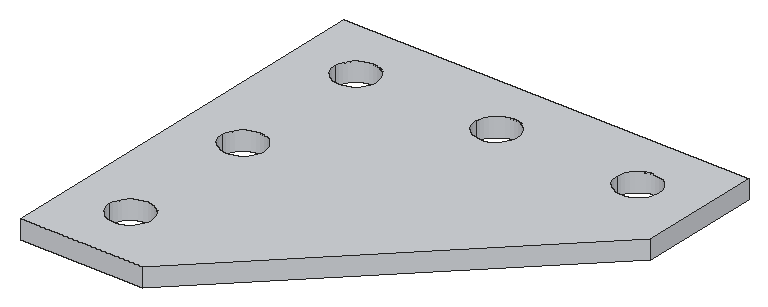
Revit family "Fitting-Flat_Plate-Unistrut-P1873", category Specialty Equipment, Revit 2012
Parameters (values of type "P1873")
  ecoScorecard_data = "http://products.ecoscorecard.com/atkore/P1873"
  ecoScorecard Product Page = "http://products.ecoscorecard.com/atkore/P1873?action=html"
  Weight Per Piece = 1.50 lbf
  Unit = none
  Unistrut Part Number = "P1873"  # constant formula
  URL = "http://unistrut.us/index.php"
  Thickness = 0' - 0 1/4"  # constant formula
  Subcategory = "Flat Plate Fittings"  # constant formula
  Product Page URL = "http://unistrut.us/index.php?WP=cat_detail&S=S05&P=P1873"
  Power Strut Part Number = "PS 2190"  # constant formula
  Part Type = "Fitting"  # constant formula
  Overall Width = 0' - 5 3/8"  # constant formula
  Overall Length = 0' - 5 3/8"  # constant formula
  Model = "P1873"  # constant formula
  Material = ""
  Manufacturer Phone - Toll Free = "800-882-5543"  # constant formula
  Manufacturer Phone = "708-339-1610"  # constant formula
  Manufacturer Fax = "708-339-7814"  # constant formula
  Manufacturer Email = "mailto:jshaw@atkore.com"
  Manufacturer Address = "16100 South Lathrop Avenue, Harvey, IL 60426"  # constant formula
  Manufacturer = "Unistrut by Atkore International"  # constant formula
  Load Capacity Note = "Visit the product page for load application and capacity."  # constant formula
  Literature URL = "http://unistrut.us/index.php?WP=LItLibrary"
  Hole Diameter = 0' - 0 9/16"
  Cost Info = "mailto:jshaw@atkore.com"
  CAD URL = "http://unistrut.us/index.php?WP=CAD3d"
  Assembly Code = "D5020100"
  95 CSI = "16070"  # constant formula
  04 CSI = "26 05 48"  # constant formula
Reference planes (in)
  plane 1 "Center (Front/Back)": y = 0
  plane 2: z = 0
  plane 3 "Center (Left/Right)": x = 0
  plane 4: y = 2.6875
  plane 5: y = -2.6875
  plane 6: x = -2.6875
  plane 7: x = 2.6875
  plane 8: z = 0.25
  plane 9: y = 1.87285
  plane 10: x = 1.87595
  plane 11: y = -1.87285
  plane 12: x = -1.87595
Dimensions and locks (in)
  equal spacing: plane 6, plane 3 "Center (Left/Right)", plane 7
  "Overall Length": plane 6 to plane 7
  equal spacing: plane 4, plane 1 "Center (Front/Back)", plane 5
  "Overall Width": plane 4 to plane 5
  "Thickness": plane 8 to plane 2
  aligned and locked: level to plane 2
  aligned and locked: plane 3 "Center (Left/Right)" to nested 1
  aligned and locked: plane 1 "Center (Front/Back)" to nested 1
Nested families (in)
  nested 1: "1873" at (0, 0, 0), type "1873"
Definition of nested family "1873"
  Parameters (values of type "P1873")
    Width = 0' - 5 3/8"
    Unit = none
    Thickness = 0' - 0 1/4"
    Radiuis = Diameter / 2  # 0' - 0 9/32"
    Length = 0' - 5 3/8"
    Diameter = 0' - 0 9/16"
  Reference planes (in)
    plane 1 "Center (Front/Back)": y = 0
    plane 2: z = 0
    plane 3 "Center (Left/Right)": x = 0
    plane 4: y = 2.6875
    plane 5: y = -2.6875
    plane 6: x = -2.6875
    plane 7: x = 2.6875
    plane 8: z = 0.25
    plane 9: through (2.6875, 1.0625, 48) normal (0.7071, -0.7071, 0)
  Forms (in)
    Extrusion 1, solid, material <- "Unit"
      sketch origin (0, 0, 0) x (1, 0, 0) y (0, 1, 0)
        loop
          line (-2.6875, 2.6875) -> (-2.6875, -2.6875) -> (-1.0625, -2.6875) -> (2.6875, 1.0625) -> (2.6875, 2.6875) -> (-2.6875, 2.6875)
        loop
          circle (-1.87595, 1.87285) r 0.28125
        loop
          circle (1.87595, 1.87285) r 0.28125
        loop
          circle (0, 1.87285) r 0.28125
        loop
          circle (-1.87595, -1.87285) r 0.28125
        loop
          circle (-1.87595, 0) r 0.28125
      from 0 to 0.25
  Dimensions and locks (in)
    equal spacing: plane 6, plane 3 "Center (Left/Right)", plane 7
    "Length": plane 6 to plane 7
    equal spacing: plane 4, plane 1 "Center (Front/Back)", plane 5
    "Width": plane 4 to plane 5
    "Thickness": plane 8 to plane 2
    locked: plane 6 to Extrusion 1 sketch curve at 0.81155  (x3)
    locked: plane 4 to Extrusion 1 sketch curve at 0.81465  (x3)
    locked: Extrusion 1 sketch curve to plane 7 at 0.81155
    locked: plane 5 to Extrusion 1 sketch curve at 0.81465
    "Radiuis": radius of Extrusion 1 sketch curve  (x5)
    aligned and locked: level to plane 2
    aligned and locked: Extrusion 1 sketch curve to plane 4
    aligned and locked: Extrusion 1 sketch curve to plane 6
    aligned and locked: plane 7 to Extrusion 1 sketch curve
    aligned and locked: Extrusion 1 sketch curve to plane 9
    aligned and locked: plane 5 to Extrusion 1 sketch curve
    aligned and locked: plane 3 "Center (Left/Right)" to Extrusion 1 sketch curve
    aligned and locked: plane 1 "Center (Front/Back)" to Extrusion 1 sketch curve
    aligned and locked: Extrusion 1 to plane 2
    aligned and locked: plane 8 to Extrusion 1
  Automatic sketch dimensions
    plane 1 "Center (Front/Back)" to Extrusion 1 sketch curve = 0' - 0"
